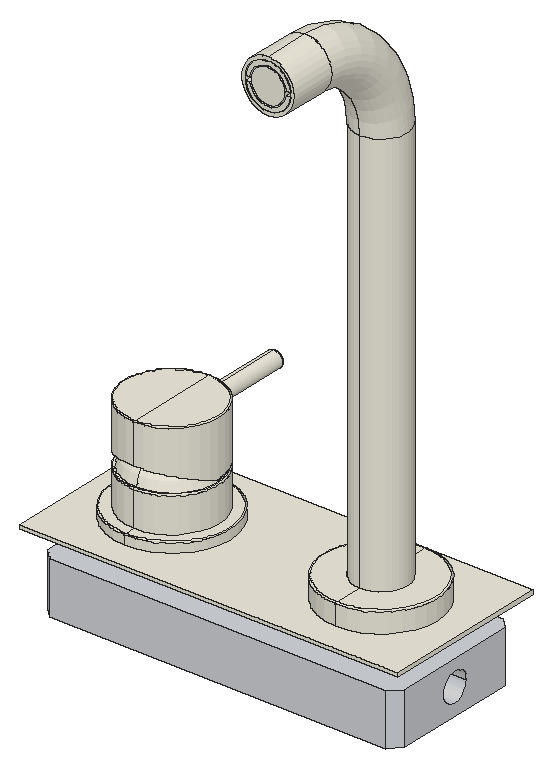
Revit family "Reece_Tap_Sussex_Scala_Curved_Bath Mixer System_25 mm", category Plumbing Fixtures, host Face, Revit 2018
Family settings
  Host = Face
  Round Connector Dimension = Use Diameter
  Part Type = Normal
  Cut with Voids When Loaded = No
  Shared = Yes
  Room Calculation Point = Yes
Parameters (values of type "250 mm_Left Hand_PVD Brushed Platinum Gold")
  WFU = 0  # constant formula
  URL = "https://www.reece.com.au/product/-2268253"
  Type Comments = "Tap"
  Reece_Tap_Reach = 250 mm
  Reece_Tap_Outlet_Reach = Reece_Tap_Reach - 2 mm  # 248 mm
  Reece_Tap_Inlet_Right = 0 mm
  Reece_Tap_Inlet_Left = 12 mm
  Reece_Tap_Handle_Top_Height = 27 mm  # constant formula
  Reece_Tap_Handle_Length = 84 mm  # constant formula
  Reece_Tap_Handle_Height = 50.6 mm  # constant formula
  Reece_Tap_Handle_Bottom_Height = 21.8 mm  # constant formula
  Reece_Tap_Clearance = 67 mm  # constant formula
  Reece_Right_Void = 12.5 mm
  Reece_Right Hand = not(Reece_Left Hand)  # no
  Reece_Product_Web Page = "https://www.reece.com.au/product/-2268253"
  Reece_Product_Type = "Tap"  # constant formula
  Reece_Product_Sub Brand = "Scala"  # constant formula
  Reece_Product_Number = "2268253"
  Reece_Product_Mount = "Wall Mounted"
  Reece_Product_Description = "Sussex Scala 25mm Curved Bath Mixer Tap Outlet System Left Hand 250mm Outlet LUX PVD Brushed Platinum Gold"
  Reece_Product_Brand = "Sussex"  # constant formula
  Reece_Plumbing_Right_Void_Length = 25 mm
  Reece_Plumbing_Left_Void_Length = 3 mm
  Reece_Overall_Width = 80 mm  # constant formula
  Reece_Overall_Length = 180 mm  # constant formula
  Reece_Overall_Diameter = 56 mm  # constant formula
  Reece_Material_Main = Reece_PVD_Brushed_Platinum Gold
  Reece_Left_Void = 24 mm
  Reece_Left Hand = yes
  Reece_Detail_Shape = "Curved"  # constant formula
  Reece_Detail_Installation = ""
  Reece_Detail_Disclaimer = "THIS FILE IS THE PROPERTY OF THE REECE GROUP. IT MAY NOT BE REPRODUCED, REVERSE-ENGINEERED OR MODIFIED. ANY REPUBLICATION, TRANSMISSION OR DISTRIBUTION FOR THE PURPOSE OF COMMERCIALLY EXPLOITING THE FILES IS PROHIBITED."  # constant formula
  Reece_Detail_Connector = "Left Hand"
  Reece_Detail_Additional = "Bath Mixer System"  # constant formula
  Reece_Backplate_Thickness = 10 mm  # constant formula
  Model = "Scala"
  Manufacturer = "Sussex"
  Keynote = "Product #2268253, Reece_Tap_Sussex_Scala_Curved_Bath Mixer System_25 mm - 250 mm_Left Hand_PVD Brushed Platinum Gold"
  HWFU = 0  # constant formula
  Disclaimer = "THIS FILE IS THE PROPERTY OF THE REECE GROUP. IT MAY NOT BE REPRODUCED, REVERSE-ENGINEERED OR MODIFIED. ANY REPUBLICATION, TRANSMISSION OR DISTRIBUTION FOR THE PURPOSE OF COMMERCIALLY EXPLOITING THE FILES IS PROHIBITED."  # constant formula
  Description = "Scala 25mm Curved Bath Mixer Tap Outlet System Left Hand 250mm Outlet LUX PVD Brushed Platinum Gold"
  Default Elevation = 1000 mm
  CWFU = 0  # constant formula
Types (16, lengths in mm): name | URL | Reece_Tap_Reach | Reece_Tap_Outlet_Reach | Reece_Tap_Inlet_Right | Reece_Tap_Inlet_Left | Reece_Right_Void | Reece_Right Hand | Reece_Product_Web Page | Reece_Product_Number | Reece_Product_Description | Reece_Plumbing_Right_Void_Length | Reece_Plumbing_Left_Void_Length | Reece_Material_Main | Reece_Left_Void | Reece_Left Hand | Reece_Detail_Connector | Keynote | Description
  160 mm_Left Hand_Chrome | "https://www.reece.com.au/product/-2263074" | 160 | 158 | 0 | 12 | 12.5 | no | "https://www.reece.com.au/product/-2263074" | "2263074" | "Sussex Scala 25mm Curved Bath Mixer Tap Outlet System Left Hand 160mm Outlet Chrome" | 3 | 25 | Reece_Brass_Chrome | 24 | yes | "Left Hand" | "Product #2263074, Reece_Tap_Sussex_Scala_Curved_Bath Mixer System_25 mm - 160 mm_Left Hand_Chrome" | "Scala 25mm Curved Bath Mixer Tap Outlet System Left Hand 160mm Outlet Chrome"
  160 mm_Right Hand_Brushed Nickel | "https://www.reece.com.au/product/-226003" | 160 | 158 | 12 | 0 | 24 | yes | "https://www.reece.com.au/product/-226003" | "226003" | "Sussex Scala 25mm Curved Bath Mixer Tap Outlet System Right Hand 160mm Outlet Brushed Nickel" | 25 | 3 | Reece_Brass_Brushed Nickel | 12.5 | no | "Right Hand" | "Product #226003, Reece_Tap_Sussex_Scala_Curved_Bath Mixer System_25 mm - 160 mm_Right Hand_Brushed Nickel" | "Scala 25mm Curved Bath Mixer Tap Outlet System Right Hand 160mm Outlet Brushed Nickel"
  160 mm_Left Hand_PVD Brushed Platinum Gold | "https://www.reece.com.au/product/-2268251" | 160 | 158 | 0 | 12 | 12.5 | no | "https://www.reece.com.au/product/-2268251" | "2268251" | "Sussex Scala 25mm Curved Bath Mixer Tap Outlet System Left Hand 160mm Outlet LUX PVD Brushed Platinum Gold" | 3 | 25 | Reece_PVD_Brushed_Platinum Gold | 24 | yes | "Left Hand" | "Product #2268251, Reece_Tap_Sussex_Scala_Curved_Bath Mixer System_25 mm - 160 mm_Left Hand_PVD Brushed Platinum Gold" | "Scala 25mm Curved Bath Mixer Tap Outlet System Left Hand 160mm Outlet LUX PVD Brushed Platinum Gold"
  200 mm_Left Hand_Chrome | "https://www.reece.com.au/product/-2263075" | 200 | 198 | 0 | 12 | 12.5 | no | "https://www.reece.com.au/product/-2263075" | "2263075" | "Sussex Scala 25mm Curved Bath Mixer Tap Outlet System Left Hand 200mm Outlet Chrome" | 3 | 25 | Reece_Brass_Chrome | 24 | yes | "Left Hand" | "Product #2263075, Reece_Tap_Sussex_Scala_Curved_Bath Mixer System_25 mm - 200 mm_Left Hand_Chrome" | "Scala 25mm Curved Bath Mixer Tap Outlet System Left Hand 200mm Outlet Chrome"
  200 mm_Left Hand_PVD Brushed Platinum Gold | "https://www.reece.com.au/product/-2268252" | 200 | 198 | 0 | 12 | 12.5 | no | "https://www.reece.com.au/product/-2268252" | "2268252" | "Sussex Scala 25mm Curved Bath Mixer Tap Outlet System Left Hand 200mm Outlet LUX PVD Brushed Platinum Gold" | 3 | 25 | Reece_PVD_Brushed_Platinum Gold | 24 | yes | "Left Hand" | "Product #2268252, Reece_Tap_Sussex_Scala_Curved_Bath Mixer System_25 mm - 200 mm_Left Hand_PVD Brushed Platinum Gold" | "Scala 25mm Curved Bath Mixer Tap Outlet System Left Hand 200mm Outlet LUX PVD Brushed Platinum Gold"
  250 mm_Left Hand_Chrome | "https://www.reece.com.au/product/-2263076" | 250 | 248 | 0 | 12 | 12.5 | no | "https://www.reece.com.au/product/-2263076" | "2263076" | "Sussex Scala 25mm Curved Bath Mixer Tap Outlet System Left Hand 250mm Outlet Chrome" | 3 | 25 | Reece_Brass_Chrome | 24 | yes | "Left Hand" | "Product #2263076, Reece_Tap_Sussex_Scala_Curved_Bath Mixer System_25 mm - 250 mm_Left Hand_Chrome" | "Scala 25mm Curved Bath Mixer Tap Outlet System Left Hand 250mm Outlet Chrome"
  250 mm_Left Hand_PVD Brushed Platinum Gold | "https://www.reece.com.au/product/-2268253" | 250 | 248 | 0 | 12 | 12.5 | no | "https://www.reece.com.au/product/-2268253" | "2268253" | "Sussex Scala 25mm Curved Bath Mixer Tap Outlet System Left Hand 250mm Outlet LUX PVD Brushed Platinum Gold" | 25 | 3 | Reece_PVD_Brushed_Platinum Gold | 24 | yes | "Left Hand" | "Product #2268253, Reece_Tap_Sussex_Scala_Curved_Bath Mixer System_25 mm - 250 mm_Left Hand_PVD Brushed Platinum Gold" | "Scala 25mm Curved Bath Mixer Tap Outlet System Left Hand 250mm Outlet LUX PVD Brushed Platinum Gold"
  160 mm_Right Hand_Chrome | "https://www.reece.com.au/product/-2263077" | 160 | 158 | 12 | 0 | 24 | yes | "https://www.reece.com.au/product/-2263077" | "2263077" | "Sussex Scala 25mm Curved Bath Mixer Tap Outlet System Right Hand 160mm Outlet Chrome" | 25 | 3 | Reece_Brass_Chrome | 12.5 | no | "Right Hand" | "Product #2263077, Reece_Tap_Sussex_Scala_Curved_Bath Mixer System_25 mm - 160 mm_Right Hand_Chrome" | "Scala 25mm Curved Bath Mixer Tap Outlet System Right Hand 160mm Outlet Chrome"
  160 mm_Right Hand_PVD Brushed Platinum Gold | "https://www.reece.com.au/product/-2268248" | 160 | 158 | 12 | 0 | 24 | yes | "https://www.reece.com.au/product/-2268248" | "2268248" | "Sussex Scala 25mm Curved Bath Mixer Tap Outlet System Right Hand 160mm Outlet LUX PVD Brushed Platinum Gold" | 25 | 3 | Reece_PVD_Brushed_Platinum Gold | 12.5 | no | "Right Hand" | "Product #2268248, Reece_Tap_Sussex_Scala_Curved_Bath Mixer System_25 mm - 160 mm_Right Hand_PVD Brushed Platinum Gold" | "Scala 25mm Curved Bath Mixer Tap Outlet System Right Hand 160mm Outlet LUX PVD Brushed Platinum Gold"
  200 mm_Right Hand_Brushed Nickel | "https://www.reece.com.au/product/-226004" | 200 | 198 | 12 | 0 | 24 | yes | "https://www.reece.com.au/product/-226004" | "226004" | "Sussex Scala 25mm Curved Bath Mixer Tap Outlet System Right Hand 200mm Outlet Brushed Nickel" | 25 | 3 | Reece_Brass_Brushed Nickel | 12.5 | no | "Right Hand" | "Product #226004, Reece_Tap_Sussex_Scala_Curved_Bath Mixer System_25 mm - 200 mm_Right Hand_Brushed Nickel" | "Scala 25mm Curved Bath Mixer Tap Outlet System Right Hand 200mm Outlet Brushed Nickel"
  200 mm_Right Hand_Chrome | "https://www.reece.com.au/product/-2263078" | 200 | 198 | 12 | 0 | 24 | yes | "https://www.reece.com.au/product/-2263078" | "2263078" | "Sussex Scala 25mm Curved Bath Mixer Tap Outlet System Right Hand 200mm Outlet Chrome" | 25 | 3 | Reece_Brass_Chrome | 12.5 | no | "Right Hand" | "Product #2263078, Reece_Tap_Sussex_Scala_Curved_Bath Mixer System_25 mm - 200 mm_Right Hand_Chrome" | "Scala 25mm Curved Bath Mixer Tap Outlet System Right Hand 200mm Outlet Chrome"
  200 mm_Right Hand_PVD Brushed Platinum Gold | "https://www.reece.com.au/product/-2268249" | 200 | 198 | 12 | 0 | 24 | yes | "https://www.reece.com.au/product/-2268249" | "2268249" | "Sussex Scala 25mm Curved Bath Mixer Tap Outlet System Right Hand 200mm Outlet LUX PVD Brushed Platinum Gold" | 25 | 3 | Reece_PVD_Brushed_Platinum Gold | 12.5 | no | "Right Hand" | "Product #2268249, Reece_Tap_Sussex_Scala_Curved_Bath Mixer System_25 mm - 200 mm_Right Hand_PVD Brushed Platinum Gold" | "Scala 25mm Curved Bath Mixer Tap Outlet System Right Hand 200mm Outlet LUX PVD Brushed Platinum Gold"
  200 mm_Right Hand_Matte Black | "https://www.reece.com.au/product/-2264193" | 200 | 198 | 12 | 0 | 24 | yes | "https://www.reece.com.au/product/-2264193" | "2264193" | "Sussex Scala 25mm Curved Bath Mixer Tap Outlet System Right Hand 200mm Outlet Matte Black" | 25 | 3 | Reece_Brass_Matte Black | 12.5 | no | "Right Hand" | "Product #2264193, Reece_Tap_Sussex_Scala_Curved_Bath Mixer System_25 mm - 200 mm_Right Hand_Matte Black" | "Scala 25mm Curved Bath Mixer Tap Outlet System Right Hand 200mm Outlet Matte Black"
  250 mm_Right Hand_Brushed Nickel | "https://www.reece.com.au/product/-226005" | 250 | 248 | 12 | 0 | 24 | yes | "https://www.reece.com.au/product/-226005" | "226005" | "Sussex Scala 25mm Curved Bath Mixer Tap Outlet System Right Hand 250mm Outlet Brushed Nickel" | 25 | 3 | Reece_Brass_Brushed Nickel | 12.5 | no | "Right Hand" | "Product #226005, Reece_Tap_Sussex_Scala_Curved_Bath Mixer System_25 mm - 250 mm_Right Hand_Brushed Nickel" | "Scala 25mm Curved Bath Mixer Tap Outlet System Right Hand 250mm Outlet Brushed Nickel"
  250 mm_Right Hand_Chrome | "https://www.reece.com.au/product/-2263079" | 250 | 248 | 12 | 0 | 24 | yes | "https://www.reece.com.au/product/-2263079" | "2263079" | "Sussex Scala 25mm Curved Bath Mixer Tap Outlet System Right Hand 250mm Outlet Chrome" | 25 | 3 | Reece_Brass_Chrome | 12.5 | no | "Right Hand" | "Product #2263079, Reece_Tap_Sussex_Scala_Curved_Bath Mixer System_25 mm - 250 mm_Right Hand_Chrome" | "Scala 25mm Curved Bath Mixer Tap Outlet System Right Hand 250mm Outlet Chrome"
  250 mm_Right Hand_PVD Brushed Platinum Gold | "https://www.reece.com.au/product/-2268250" | 250 | 248 | 12 | 0 | 24 | yes | "https://www.reece.com.au/product/-2268250" | "2268250" | "Sussex Scala 25mm Curved Bath Mixer Tap Outlet System Right Hand 250mm Outlet LUX PVD Brushed Platinum Gold" | 25 | 3 | Reece_PVD_Brushed_Platinum Gold | 12.5 | no | "Right Hand" | "Product #2268250, Reece_Tap_Sussex_Scala_Curved_Bath Mixer System_25 mm - 250 mm_Right Hand_PVD Brushed Platinum Gold" | "Scala 25mm Curved Bath Mixer Tap Outlet System Right Hand 250mm Outlet LUX PVD Brushed Platinum Gold"
Reference planes
  plane 1 "Center (Front/Back)": y = 0
  plane 2 "Bottom": z = 0
  plane 3 "Center (Left/Right)": x = 0
  plane 4 "Top": z = 250
  plane 5: y = 40
  plane 6: y = -40
  plane 7: x = -90
  plane 8: x = 90
  plane 9: x = -49.8
  plane 10: x = 49.8
  plane 11: y = -67
  plane 12: z = 2
  plane 13: z = -23.75
  plane 14: x = -87
  plane 15: y = 37
  plane 16: y = 15
  plane 17: x = 65
  plane 18: y = -22.5
  plane 19: y = 61.5
Forms (mm)
  Extrusion 1, solid, material "Reece_PVD_Brushed_Platinum Gold" <- "Reece_Material_Main"
    sketch origin (0, 0, 0) x (1, 0, 0) y (0, 1, 0)
      loop
        line (-90, 40) -> (-90, -40) -> (90, -40) -> (90, 40) -> (-90, 40)
    from 0 to 2
  Revolve 2, void
    sketch origin (0, 0, 0) x (1, 0, 0) y (0, 0, 1)
      loop
        line (-49.8, 2) -> (-49.8, -39.258) -> (-25.8, -39.258) -> (-25.8, 2) -> (-49.8, 2)
      axis (-49.8, 2) -> (-49.8, -39.258)
    angle from 0 to 360
  Revolve 3, void
    sketch origin (99.6, 0, 0) x (1, 0, 0) y (0, 0, 1)
      loop
        line (-49.8, 2) -> (-49.8, -41.506) -> (-37.3, -41.506) -> (-37.3, 2) -> (-49.8, 2)
      axis (-49.8, 2) -> (-49.8, -41.506)
    angle from 0 to 360
  Revolve 4, solid, visible <- "Reece_Left Hand"
    sketch origin (-79.101, 0, 1219.2) x (-1, 0, 0) y (0, 0, -1)
      loop
        line (-140.374, 1230.612) -> (-140.374, 1229.603) -> (-139.209, 1229.603) -> (-139.978, 1229.064) -> (-139.209, 1228.526) -> (-139.978, 1227.987) -> (-139.209, 1227.449) -> (-139.978, 1226.91) -> (-139.209, 1226.371) -> (-139.978, 1225.833) -> (-139.209, 1225.294) -> (-139.978, 1224.756) -> (-139.209, 1224.217) -> (-139.978, 1223.678) -> (-139.209, 1223.14) -> (-139.978, 1222.601) -> (-139.209, 1222.063) -> (-139.978, 1221.524) -> (-139.209, 1220.985) -> (-139.978, 1220.447) -> (-139.209, 1219.908) -> (-139.978, 1219.37) -> (-139.209, 1218.831) -> (-139.978, 1218.292) -> (-139.209, 1217.754) -> (-140, 1217.2) -> (-128.901, 1217.2) -> (-128.901, 1230.612) -> (-140.374, 1230.612)
      axis (-128.901, 1217.2) -> (-128.901, 1230.612)
    angle from 0 to 360
  Extrusion 5, solid
    sketch origin (0, 0, 0) x (1, 0, 0) y (0, 1, 0)
      loop
        line (-85, 30) -> (-85, -30) -> (-80, -35) -> (80, -35) -> (85, -30) -> (85, 30) -> (80, 35) -> (-80, 35) -> (-85, 30)
    from -36.057 to -11.412
  Extrusion 6, void
    sketch origin (0, 0, 0) x (1, 0, 0) y (0, 1, 0)
      loop
        line (-90, 40) -> (-90, -40) -> (90, -40) -> (90, 40) -> (-90, 40)
    from -46.112 to 0
  Revolve 7, solid, visible <- "Reece_Left Hand"
    sketch origin (0, 0, 0) x (1, 0, 0) y (0, 0, 1)
      loop
        line (-49.8, 2) -> (-49.8, -11.412) -> (-27.752, -11.412) -> (-27.752, 2) -> (-49.8, 2)
      axis (-49.8, 2) -> (-49.8, -11.412)
    angle from 0 to 360
  Revolve 8, solid, visible <- "Reece_Right Hand"
    sketch origin (99.6, 0, 0) x (1, 0, 0) y (0, 0, 1)
      loop
        line (-49.8, 2) -> (-49.8, -11.412) -> (-27.752, -11.412) -> (-27.752, 2) -> (-49.8, 2)
      axis (-49.8, 2) -> (-49.8, -11.412)
    angle from 0 to 360
  Revolve 9, solid, visible <- "Reece_Right Hand"
    sketch origin (79.101, 0, 1219.2) x (1, 0, 0) y (0, 0, 1)
      loop
        line (-140.374, -1230.612) -> (-128.901, -1230.612) -> (-128.901, -1217.2) -> (-140, -1217.2) -> (-139.209, -1217.754) -> (-139.978, -1218.292) -> (-139.209, -1218.831) -> (-139.978, -1219.37) -> (-139.209, -1219.908) -> (-139.978, -1220.447) -> (-139.209, -1220.985) -> (-139.978, -1221.524) -> (-139.209, -1222.063) -> (-139.978, -1222.601) -> (-139.209, -1223.14) -> (-139.978, -1223.678) -> (-139.209, -1224.217) -> (-139.978, -1224.756) -> (-139.209, -1225.294) -> (-139.978, -1225.833) -> (-139.209, -1226.371) -> (-139.978, -1226.91) -> (-139.209, -1227.449) -> (-139.978, -1227.987) -> (-139.209, -1228.526) -> (-139.978, -1229.064) -> (-139.209, -1229.603) -> (-140.374, -1229.603) -> (-140.374, -1230.612)
      axis (-128.901, -1217.2) -> (-128.901, -1230.612)
    angle from 0 to 360
  Revolve 10, void
    sketch origin (0, 0, -23.75) x (1, 0, 0) y (0, 1, 0)
      loop
        line (34.8, 15) -> (41.8, 15) -> (41.8, 40) -> (34.8, 40) -> (34.8, 15)
      axis (34.8, 40) -> (34.8, 15)
    angle from 0 to 360
  Revolve 11, void
    sketch origin (0, 0, -23.5) x (1, 0, 0) y (0, 1, 0)
      loop
        line (65, 0) -> (90, 0) -> (90, 7) -> (65, 7) -> (65, 0)
      axis (65, 0) -> (90, 0)
    angle from 0 to 360
  Revolve 12, void
    sketch origin (0, 0, -23.75) x (-1, 0, 0) y (0, -1, 0)
      loop
        line (34.8, -37) -> (34.8, -40) -> (41.8, -40) -> (41.8, -37) -> (34.8, -37)
      axis (34.8, -40) -> (34.8, -37)
    angle from 0 to 360
  Revolve 13, void
    sketch origin (0, 0, -23.5) x (-1, 0, 0) y (0, -1, 0)
      loop
        line (87, 0) -> (87, -7) -> (90, -7) -> (90, 0) -> (87, 0)
      axis (87, 0) -> (90, 0)
    angle from 0 to 360
Cuts and joins
  Revolve 2, Revolve 3, Revolve 10 cuts Extrusion 1
  Revolve 10 cuts Revolve 8
  Revolve 10, Revolve 11, Revolve 12, Revolve 13 cuts Extrusion 5
Text (mm)
  text "Reece Copyright © 2018, Reece Ltd." at (-184.095, -168.531, 0), in view "Ref. Level"
  text "Reece ©" at (44.384, 258.95, 192.345), in view "Reece Preview"
Dimensions and locks
  "Reece_Tap_Reach": plane 4 "Top" to plane 2 "Bottom"
  "Reece_Overall_Width": plane 6 to plane 5
  "Reece_Overall_Length": plane 7 to plane 8
  plane 9 to plane 10 = 99.6 mm
  "Reece_Tap_Clearance": plane 11 to plane 1 "Center (Front/Back)"
  plane 4 "Top" to plane 2 "Bottom" = 250 mm
  plane 10 to plane 9 = 99.6 mm
  plane 2 "Bottom" to plane 4 "Top" = 250 mm
  "Reece_Tap_Clearance": plane 1 "Center (Front/Back)" to plane 11
  "Reece_Left_Void": Revolve 2 sketch curve to Revolve 2 sketch curve
  "Reece_Right_Void": Revolve 3 sketch curve to Revolve 3 sketch curve
  "Reece_Plumbing_Left_Void_Length": plane 7 to plane 14
  "Reece_Plumbing_Left_Void_Length": plane 15 to plane 5
  "Reece_Plumbing_Right_Void_Length": plane 5 to plane 16
  "Reece_Plumbing_Right_Void_Length": plane 17 to plane 8
  "Reece_Tap_Handle_Length": plane 19 to plane 18
  aligned and locked: plane 2 "Bottom" to host face
  aligned and locked: level to host face
  aligned and locked: plane 9 to nested 3
  aligned and locked: plane 10 to nested 4
  aligned and locked: plane 1 "Center (Front/Back)" to nested 4
  aligned and locked: plane 5 to Revolve 10 sketch curve
  aligned and locked: plane 7 to Revolve 13
  aligned and locked: plane 15 to cut or joined group of Extrusion 5, Revolve 10, Revolve 11, Revolve 12, Revolve 13
  aligned and locked: plane 16 to cut or joined group of Extrusion 5, Revolve 10, Revolve 11, Revolve 12, Revolve 13
  aligned and locked: plane 17 to cut or joined group of Extrusion 5, Revolve 10, Revolve 11, Revolve 12, Revolve 13
  aligned and locked: plane 14 to Revolve 13
Automatic sketch dimensions
  host sketch curve to host sketch curve = 380.785 mm
  host sketch curve to host sketch curve = 317.421 mm
  plane 6 to Extrusion 1 sketch curve = 0 mm
  Extrusion 1 sketch curve to plane 7 = 0 mm
  Extrusion 1 sketch curve to plane 8 = 0 mm
  plane 5 to Extrusion 1 sketch curve = 0 mm
  Revolve 4 sketch curve to plane 12 = 0 mm
  Revolve 4 sketch curve to plane 10 = 0 mm  (x2)
  level to Revolve 4 sketch curve = 0.369 mm
  plane 10 to Revolve 4 sketch curve = 10.308 mm
  Revolve 4 sketch curve to plane 12 = 0.554 mm
  Revolve 4 sketch curve to Revolve 4 sketch curve = 0 mm  (x11)
  Revolve 4 sketch curve to level = 0.708 mm
  Revolve 4 sketch curve to level = 1.785 mm
  Revolve 4 sketch curve to level = 2.863 mm
  Revolve 4 sketch curve to level = 3.94 mm
  Revolve 4 sketch curve to level = 5.017 mm
  Revolve 4 sketch curve to Revolve 4 sketch curve = 0.769 mm  (x11)
  Revolve 4 sketch curve to level = 4.478 mm
  Revolve 4 sketch curve to level = 3.401 mm
  Revolve 4 sketch curve to level = 2.324 mm
  Revolve 4 sketch curve to level = 1.247 mm
  Revolve 4 sketch curve to level = 0.17 mm
  level to Revolve 4 sketch curve = 0.908 mm
  Revolve 4 sketch curve to Revolve 4 sketch curve = 0.791 mm
  Revolve 4 sketch curve to Revolve 4 sketch curve = 0.397 mm
  Revolve 4 sketch curve to Revolve 4 sketch curve = 0.539 mm  (x10)
  Revolve 4 sketch curve to Revolve 4 sketch curve = 1.009 mm
  Revolve 4 sketch curve to Revolve 4 sketch curve = 6.93 mm
  Revolve 4 sketch curve to plane 13 = 13.767 mm
  Extrusion 5 sketch curve to plane 7 = 5 mm
  plane 5 to Extrusion 5 sketch curve = 5 mm
  Extrusion 5 sketch curve to Extrusion 5 sketch curve = 5 mm  (x6)
  Extrusion 5 sketch curve to plane 6 = 5 mm
  plane 8 to Extrusion 5 sketch curve = 10 mm  (x2)
  plane 8 to Extrusion 5 sketch curve = 5 mm
  plane 6 to Extrusion 6 sketch curve = 0 mm
  Extrusion 6 sketch curve to plane 7 = 0 mm
  Extrusion 6 sketch curve to plane 8 = 0 mm
  plane 5 to Extrusion 6 sketch curve = 0 mm
  Revolve 7 sketch curve to plane 9 = 0 mm  (x2)
  Revolve 7 sketch curve to plane 12 = 0 mm
  plane 9 to Revolve 7 sketch curve = 22.048 mm
  Revolve 7 sketch curve to level = 11.412 mm
  Revolve 7 sketch curve to level = 3 mm
  plane 13 to Revolve 7 sketch curve = 5.75 mm
  Revolve 8 sketch curve to plane 10 = 0 mm  (x2)
  Revolve 8 sketch curve to plane 12 = 0 mm
  plane 8 to Revolve 8 sketch curve = 18.152 mm
  Revolve 8 sketch curve to level = 11.412 mm
  Revolve 8 sketch curve to level = 3 mm
  plane 13 to Revolve 8 sketch curve = 5.75 mm
  Revolve 9 sketch curve to plane 12 = 0 mm
  Revolve 9 sketch curve to plane 9 = 0 mm  (x2)
  level to Revolve 9 sketch curve = 0.369 mm
  Revolve 9 sketch curve to plane 9 = 10.308 mm
  Revolve 9 sketch curve to plane 12 = 0.554 mm
  Revolve 9 sketch curve to Revolve 9 sketch curve = 0 mm  (x11)
  Revolve 9 sketch curve to level = 0.708 mm
  Revolve 9 sketch curve to level = 1.785 mm
  Revolve 9 sketch curve to level = 2.863 mm
  Revolve 9 sketch curve to level = 3.94 mm
  Revolve 9 sketch curve to level = 5.017 mm
  Revolve 9 sketch curve to Revolve 9 sketch curve = 0.769 mm  (x11)
  Revolve 9 sketch curve to level = 4.478 mm
  Revolve 9 sketch curve to level = 3.401 mm
  Revolve 9 sketch curve to level = 2.324 mm
  Revolve 9 sketch curve to level = 1.247 mm
  Revolve 9 sketch curve to level = 0.17 mm
  level to Revolve 9 sketch curve = 0.908 mm
  Revolve 9 sketch curve to Revolve 9 sketch curve = 0.791 mm
  Revolve 9 sketch curve to Revolve 9 sketch curve = 0.397 mm
  Revolve 9 sketch curve to Revolve 9 sketch curve = 0.539 mm  (x10)
  Revolve 9 sketch curve to Revolve 9 sketch curve = 1.009 mm
  Revolve 9 sketch curve to plane 13 = 13.767 mm
  Revolve 9 sketch curve to Revolve 9 sketch curve = 6.93 mm
  Revolve 10 sketch curve to plane 10 = 15 mm
  Revolve 10 sketch curve to Revolve 10 sketch curve = 7 mm
  Revolve 10 sketch curve to plane 1 "Center (Front/Back)" = 15 mm
  Revolve 10 sketch curve to Revolve 10 sketch curve = 0 mm
  Revolve 10 sketch curve to Revolve 10 sketch curve = 9.784 mm
  Revolve 10 sketch curve to Revolve 10 sketch curve = 8 mm
  plane 1 "Center (Front/Back)" to Revolve 11 sketch curve = 0 mm  (x2)
  Revolve 11 sketch curve to plane 8 = 0 mm
  plane 10 to Revolve 11 sketch curve = 15.2 mm
  Revolve 11 sketch curve to Revolve 11 sketch curve = 7 mm
  plane 8 to Revolve 11 sketch curve = 10 mm
  Revolve 11 sketch curve to Revolve 11 sketch curve = 10 mm
  plane 5 to Revolve 12 sketch curve = 0 mm
  plane 9 to Revolve 12 sketch curve = 15 mm
  Revolve 12 sketch curve to Revolve 12 sketch curve = 7 mm
  Revolve 12 sketch curve to plane 1 "Center (Front/Back)" = 37 mm
  Revolve 12 sketch curve to Revolve 12 sketch curve = 0 mm
  Revolve 12 sketch curve to plane 5 = 8 mm
  Revolve 12 sketch curve to Revolve 12 sketch curve = 13.357 mm
  plane 1 "Center (Front/Back)" to Revolve 13 sketch curve = 0 mm  (x2)
  Revolve 13 sketch curve to plane 7 = 0 mm
  Revolve 13 sketch curve to plane 9 = 37.2 mm
  Revolve 13 sketch curve to Revolve 13 sketch curve = 7 mm
  Revolve 13 sketch curve to Revolve 13 sketch curve = 10 mm
  plane 7 to Revolve 13 sketch curve = 10 mm
  Revolve 2 sketch curve to plane 9 = 0 mm  (x2)
  Revolve 2 sketch curve to plane 12 = 0 mm
  Revolve 2 sketch curve to plane 13 = 15.508 mm
  plane 13 to Revolve 2 sketch curve = 3.265 mm
  Revolve 2 sketch curve to Revolve 2 sketch curve = 1.228 mm
  Revolve 3 sketch curve to plane 10 = 0 mm  (x2)
  Revolve 3 sketch curve to plane 12 = 0 mm
  Revolve 3 sketch curve to plane 13 = 17.756 mm
  plane 13 to Revolve 3 sketch curve = 3.265 mm
  Revolve 3 sketch curve to Revolve 3 sketch curve = 1.02 mm
Nested families
  nested 1: "Reece_Tap_Sussex_Scala_Curved_25 mm_Nested" at (49.8, 0, 2), visible <- "Reece_Left Hand", Reece_Tap_Clearance <- "Reece_Tap_Clearance", Reece_Tap_Reach <- "Reece_Tap_Outlet_Reach", Reece_Backplate_Thickness <- "Reece_Backplate_Thickness", Reece_Material_Main <- "Reece_Material_Main", type "Reece_Tap_Sussex_Scala_Curved_25 mm_Nested"
    with Reece_Tap_Reach 248 mm, Reece_Tap_Clearance 67 mm, Reece_Overall_Length 260.5 mm, Reece_Material_Main Reece_PVD_Brushed_Platinum Gold, Reece_Backplate_Thickness 10 mm
  nested 2: "Reece_Tap_Sussex_Scala_Curved_25 mm_Nested" at (-49.8, 0, 2), visible <- "Reece_Right Hand", Reece_Tap_Clearance <- "Reece_Tap_Clearance", Reece_Tap_Reach <- "Reece_Tap_Outlet_Reach", Reece_Backplate_Thickness <- "Reece_Backplate_Thickness", Reece_Material_Main <- "Reece_Material_Main", type "Reece_Tap_Sussex_Scala_Curved_25 mm_Nested"
    with Reece_Tap_Reach 248 mm, Reece_Tap_Clearance 67 mm, Reece_Overall_Length 260.5 mm, Reece_Material_Main Reece_PVD_Brushed_Platinum Gold, Reece_Backplate_Thickness 10 mm
  nested 3: "Reece_Tap_Sussex_Scala_Mixer_Nested" at (-49.8, 0, 2), visible <- "Reece_Left Hand", Reece_Material_Main <- "Reece_Material_Main", Reece_Overall_Diameter <- "Reece_Overall_Diameter", Reece_Tap_Handle_Height <- "Reece_Tap_Handle_Height", Reece_Tap_Handle_Top_Height <- "Reece_Tap_Handle_Top_Height", Reece_Tap_Handle_Bottom_Height <- "Reece_Tap_Handle_Bottom_Height", Reece_Tap_Projection <- "Reece_Tap_Handle_Length", type "Reece_Tap_Sussex_Scala_Mixer_Nested"
    with Reece_Tap_Projection 84 mm, Reece_Tap_Handle_Top_Height 27 mm, Reece_Tap_Handle_Height 50.6 mm, Reece_Tap_Handle_Bottom_Height 21.8 mm, Reece_Overall_Diameter 56 mm, Reece_Material_Main Reece_PVD_Brushed_Platinum Gold
  nested 4: "Reece_Tap_Sussex_Scala_Mixer_Nested" at (49.8, 0, 2), visible <- "Reece_Right Hand", Reece_Material_Main <- "Reece_Material_Main", Reece_Overall_Diameter <- "Reece_Overall_Diameter", Reece_Tap_Handle_Height <- "Reece_Tap_Handle_Height", Reece_Tap_Handle_Top_Height <- "Reece_Tap_Handle_Top_Height", Reece_Tap_Handle_Bottom_Height <- "Reece_Tap_Handle_Bottom_Height", Reece_Tap_Projection <- "Reece_Tap_Handle_Length", type "Reece_Tap_Sussex_Scala_Mixer_Nested"
    with Reece_Tap_Projection 84 mm, Reece_Tap_Handle_Top_Height 27 mm, Reece_Tap_Handle_Height 50.6 mm, Reece_Tap_Handle_Bottom_Height 21.8 mm, Reece_Overall_Diameter 56 mm, Reece_Material_Main Reece_PVD_Brushed_Platinum Gold
Connectors
  piping at (85, 0, -23.734), driven by "Reece_Tap_Inlet_Right"
    settings: on cut or joined group of Extrusion 5, Revolve 10, Revolve 11, Revolve 12, Revolve 13, index 1, connector diameter 0 mm, connector inside diameter 609.6 mm, connector length 0 mm, flow factor 0, pipe flow 0.0 L/s, pressure drop 0.0 Pa, fitting loss kfactor 0, connector angle 0.00°, fixture units 0, engagement length 0 mm, angle of deflection 0.00°, flow configuration 0, flow direction 1, fitting loss method 0, system type 29, joint type 0, gender type 0, connector reference index -1, connector utility 0, adjustable connector no, is connector primary yes, connector description ""
  piping at (34.8, 35, -23.75), driven by "Reece_Tap_Inlet_Right"
    settings: on cut or joined group of Extrusion 5, Revolve 10, Revolve 11, Revolve 12, Revolve 13, index 2, connector diameter 0 mm, connector inside diameter 609.6 mm, connector length 0 mm, flow factor 0, pipe flow 0.0 L/s, pressure drop 0.0 Pa, fitting loss kfactor 0, connector angle 0.00°, fixture units 0, engagement length 0 mm, angle of deflection 0.00°, flow configuration 0, flow direction 1, fitting loss method 0, system type 29, joint type 0, gender type 0, connector reference index -1, connector utility 0, adjustable connector no, is connector primary no, connector description ""
  piping at (-34.8, 35, -23.75), diameter 12, driven by "Reece_Tap_Inlet_Left"
    settings: on cut or joined group of Extrusion 5, Revolve 10, Revolve 11, Revolve 12, Revolve 13, index 3, connector inside diameter 609.6 mm, connector length 0 mm, flow factor 0, pipe flow 0.0 L/s, pressure drop 0.0 Pa, fitting loss kfactor 0, connector angle 0.00°, fixture units 0, engagement length 0 mm, angle of deflection 0.00°, flow configuration 0, flow direction 1, fitting loss method 0, system type 29, joint type 0, gender type 0, connector reference index -1, connector utility 0, adjustable connector no, is connector primary no, connector description ""
  piping at (-85, 0, -23.5), diameter 12, driven by "Reece_Tap_Inlet_Left"
    settings: on cut or joined group of Extrusion 5, Revolve 10, Revolve 11, Revolve 12, Revolve 13, index 4, connector inside diameter 609.6 mm, connector length 0 mm, flow factor 0, pipe flow 0.0 L/s, pressure drop 0.0 Pa, fitting loss kfactor 0, connector angle 0.00°, fixture units 0, engagement length 0 mm, angle of deflection 0.00°, flow configuration 0, flow direction 1, fitting loss method 0, system type 29, joint type 0, gender type 0, connector reference index -1, connector utility 0, adjustable connector no, is connector primary no, connector description ""
Definition of nested family "Reece_Tap_Sussex_Scala_Curved_25 mm_Nested"
  Parameters (values of type "Reece_Tap_Sussex_Scala_Curved_25 mm_Nested")
    Waste Connection = no
    WFU = 0
    Vent Connection = no
    URL = ""
    Type Comments = ""
    Reece_Tap_Reach [instance] = 250 mm
    Reece_Tap_Clearance [instance] = 67 mm
    Reece_Overall_Length [instance] = Reece_Tap_Reach + 12.5 mm  # 262.5 mm
    Reece_Material_Main [instance] = none
    Reece_Backplate_Thickness [instance] = 5 mm
    Model = ""
    Manufacturer = ""
    Keynote = ""
    HWFU = 0
    HW Connection = no
    Description = ""
    Default Elevation = 1000 mm
    Cost = 0
    CWFU = 0
    CW Connection = no
    Assembly Code = ""
  Reference planes
    plane 1 "Center (Front/Back)": y = 0
    plane 2 "Bottom": z = 0
    plane 3 "Center (Left/Right)": x = 0
    plane 4: z = 250
    plane 5: y = -67
    plane 6: z = 262.5
    plane 7: y = 60
    plane 8: x = -27
    plane 9: x = 27
    plane 10: x = -12.5
    plane 11: x = 12.5
    plane 12: y = -30
    plane 13: z = 5
  Forms (mm)
    Extrusion 1, solid
      sketch origin (609.2, -664.2, 0) x (1, 0, 0) y (0, 1, 0)
        loop
          line (-752.93, 779.2) -> (-752.93, 516.941) -> (-456.669, 516.941) -> (-456.669, 779.2) -> (-752.93, 779.2)
      from 0 to -9.564
    Revolve 2, solid, material <- "Reece_Material_Main"
      sketch origin (0, 0, 0) x (0, 1, 0) y (0, 0, 1)
        loop
          line (0, 0) -> (0, 8.917) -> (-12.8, 8.917) -> (-12.8, 10) -> (-26.4, 10)
          arc (-26.4, 10) -> (-26.824, 9.824) -> (-27, 9.4) r 0.6
          line (-27, 9.4) -> (-27, 0) -> (0, 0)
        axis (0, 10) -> (0, 0)
      angle from 0 to 360
    Sweep 3, solid, material <- "Reece_Material_Main"
      path origin (0, 0, 0) x (0, 1, 0) y (0, 0, 1)
        loop
          line (0, 8.917) -> (0, 205)
          arc (0, 205) -> (-13.18, 236.82) -> (-45, 250) r 45
          line (-45, 250) -> (-67, 250)
      profile origin (0, 0, 106.959) x (0, -1, 0) y (1, 0, 0)
        loop
          circle (0, 0) r 12.5
        loop
          circle (0, 0) r 10.9
    Extrusion 4, solid, material <- "Reece_Material_Main"
      sketch origin (0, 0, 0) x (1, 0, 0) y (0, 0, 1)
        loop
          circle (0, 250) r 7.879
        loop
          line (-10.621, 251) -> (-8.61, 251)
          arc (-8.61, 251) -> (0, 258.668) -> (8.61, 251) r 8.668
          line (8.61, 251) -> (10.621, 251)
          arc (10.621, 251) -> (0, 260.668) -> (-10.621, 251) r 10.668
        loop
          arc (-10.621, 249) -> (0, 239.332) -> (10.621, 249) r 10.668
          line (10.621, 249) -> (8.61, 249)
          arc (8.61, 249) -> (0, 241.332) -> (-8.61, 249) r 8.668
          line (-8.61, 249) -> (-10.621, 249)
      from 64.455 to 67
    Extrusion 5, solid, material <- "Reece_Material_Main"
      sketch origin (0, 0, 0) x (1, 0, 0) y (0, 0, 1)
        loop
          circle (0, 250) r 10.668
      from 62.863 to 64.455
  Cuts and joins
    joined: Revolve 2, Extrusion 4, Extrusion 5
  Text (mm)
    text "Reece Copyright © 2018, Reece Ltd." at (-168.326, -191.773, 0), in view "Ref. Level"
    text "Reece ©" at (44.384, 258.95, 192.345), in view "Reece Preview"
  Dimensions and locks
    "Reece_Tap_Reach": plane 4 to plane 2 "Bottom"
    "Reece_Overall_Length": plane 6 to plane 2 "Bottom"
    "Reece_Tap_Clearance": plane 1 "Center (Front/Back)" to plane 5
    plane 8 to plane 9 = 54 mm
    plane 6 to plane 4 = 12.5 mm
    plane 10 to plane 11 = 25 mm
    plane 5 to plane 1 "Center (Front/Back)" = 67 mm
    plane 1 "Center (Front/Back)" to plane 12 = 30 mm
    "Reece_Backplate_Thickness": plane 13 to plane 2 "Bottom"
    aligned and locked: plane 2 "Bottom" to Extrusion 1
    aligned and locked: level to Extrusion 1
    aligned and locked: plane 1 "Center (Front/Back)" to Sweep 3 sketch curve
    aligned and locked: Sweep 3 sketch curve to plane 4
  Automatic sketch dimensions
    Extrusion 1 sketch curve to Extrusion 1 sketch curve = 296.261 mm
    Extrusion 1 sketch curve to Extrusion 1 sketch curve = 262.259 mm
    level to Revolve 2 sketch curve = 0 mm
    Revolve 2 sketch curve to plane 1 "Center (Front/Back)" = 0 mm  (x2)
    plane 1 "Center (Front/Back)" to Revolve 2 sketch curve = 12.8 mm
    Revolve 2 sketch curve to Revolve 2 sketch curve = 13.6 mm
    Revolve 2 sketch curve to Revolve 2 sketch curve = 0.6 mm
    level to Revolve 2 sketch curve = 8.917 mm
    Revolve 2 sketch curve to Revolve 2 sketch curve = 9.4 mm
    Revolve 2 sketch curve to level = 12.434 mm
    Revolve 2 sketch curve to Revolve 2 sketch curve = 2.566 mm
    Sweep 3 sketch curve to plane 5 = 0 mm
    Sweep 3 sketch curve to Sweep 3 sketch curve = 22 mm
    level to Sweep 3 sketch curve = 8.917 mm
    Sweep 3 sketch curve to Sweep 3 sketch curve = 0 mm  (x2)
    Sweep 3 sketch curve to plane 3 "Center (Left/Right)" = 0 mm
    Sweep 3 sketch curve to profile plane = 0 mm
    Extrusion 4 sketch curve to Extrusion 4 sketch curve = 0 mm  (x23)
    Extrusion 4 sketch curve to plane 3 "Center (Left/Right)" = 0 mm
    Extrusion 4 sketch curve to plane 4 = 0 mm
    Extrusion 4 sketch curve to plane 4 = 1 mm  (x2)
    Extrusion 4 sketch curve to plane 10 = 3.89 mm
    Extrusion 4 sketch curve to plane 10 = 1.879 mm
    Extrusion 4 sketch curve to plane 11 = 1.879 mm
    plane 4 to Extrusion 4 sketch curve = 1 mm  (x2)
    Extrusion 5 sketch curve to plane 3 "Center (Left/Right)" = 0 mm
    Extrusion 5 sketch curve to plane 4 = 0 mm
    radius of Sweep 3 sketch curve = 12.5 mm
    radius of Sweep 3 sketch curve = 10.9 mm
    radius of Extrusion 4 sketch curve = 7.879 mm
    radius of Extrusion 5 sketch curve = 10.668 mm
Definition of nested family "Reece_Tap_Sussex_Scala_Mixer_Nested"
  Parameters (values of type "Reece_Tap_Sussex_Scala_Mixer_Nested")
    Waste Connection = no
    WFU = 0
    Vent Connection = no
    URL = ""
    Type Comments = ""
    Reece_Tap_Projection [instance] = 85 mm
    Reece_Tap_Handle_Top_Height [instance] = 30 mm
    Reece_Tap_Handle_Height [instance] = 46.4 mm
    Reece_Tap_Handle_Bottom_Height [instance] = 15 mm
    Reece_Overall_Diameter [instance] = 55 mm
    Reece_Material_Main [instance] = none
    Model = ""
    Manufacturer = ""
    Keynote = ""
    HWFU = 0
    HW Connection = no
    Description = ""
    Default Elevation = 0 mm
    Cost = 0
    CWFU = 0
    CW Connection = no
    Assembly Code = ""
  Reference planes
    plane 1 "Center (Front/Back)": y = 0
    plane 2 "Bottom": z = 0
    plane 3 "Center (Left/Right)": x = 0
    plane 4: y = -27.5
    plane 5: y = 27.5
    plane 6: z = 36
    plane 7: x = -27
    plane 8: x = 27
    plane 9: z = 46.4
    plane 10: z = 16.4
    plane 11: z = 15
    plane 12: z = 4.8
    plane 13: x = -22.5
    plane 14: x = 22.5
    plane 15: y = 22.5
    plane 16: y = -22.5
    plane 17: y = 62.5
  Forms (mm)
    Extrusion 1, solid
      sketch origin (619.2, -619.2, 0) x (1, 0, 0) y (0, 1, 0)
        loop
          line (-809.2, 779.2) -> (-809.2, 461.779) -> (-428.415, 461.779) -> (-428.415, 779.2) -> (-809.2, 779.2)
      from 0 to -9.564
    Revolve 2, solid, material <- "Reece_Material_Main"
      sketch origin (0, 0, 0) x (0, 1, 0) y (0, 0, 1)
        loop
          line (0, 0) -> (0, 15) -> (-22, 15)
          arc (-22, 15) -> (-22.354, 14.854) -> (-22.5, 14.5) r 0.5
          line (-22.5, 14.5) -> (-22.5, 4.8) -> (-27, 4.8)
          arc (-27, 4.8) -> (-27.354, 4.654) -> (-27.5, 4.3) r 0.5
          line (-27.5, 4.3) -> (-27.5, 0) -> (0, 0)
        axis (0, 15) -> (0, 0)
      angle from 0 to 360
    Revolve 3, solid, material <- "Reece_Material_Main"
      sketch origin (0, 0, 0) x (0, 1, 0) y (0, 0, 1)
        loop
          line (0, 15) -> (0, 31.322)
          arc (0, 31.322) -> (-13.307, 26.749) -> (-21.048, 15) r 21.8
          line (-21.048, 15) -> (0, 15)
        axis (0, 31.322) -> (0, 15)
      angle from 0 to 360
    Revolve 4, solid, material <- "Reece_Material_Main"
      sketch origin (0, 0, 0) x (0, 1, 0) y (0, 0, 1)
        loop
          line (0, 46.4) -> (-22, 46.4)
          arc (-22, 46.4) -> (-22.354, 46.254) -> (-22.5, 45.9) r 0.5
          line (-22.5, 45.9) -> (-22.5, 16.9)
          arc (-22.5, 16.9) -> (-22.354, 16.546) -> (-22, 16.4) r 0.5
          line (-22, 16.4) -> (0, 16.4) -> (0, 46.4)
        axis (0, 46.4) -> (0, 16.4)
      angle from 0 to 360
    Extrusion 5, void
      sketch origin (0, 0, 0) x (0, 1, 0) y (0, 0, 1)
        loop
          line (0, 16.4) -> (-25.877, 28.551) -> (-25.877, 16.4) -> (0, 16.4)
      from -27 to 27
    Revolve 6, solid, material <- "Reece_Material_Main"
      sketch origin (0, 0, 30.1) x (0, -1, 0) y (0, 0, -1)
        loop
          line (0, -5.9) -> (-62.5, -5.9) -> (-62.5, -9.4)
          arc (-62.5, -9.4) -> (-62.354, -9.754) -> (-62, -9.9) r 0.5
          line (-62, -9.9) -> (0, -9.9) -> (0, -5.9)
        axis (0, -5.9) -> (-62.5, -5.9)
      angle from 0 to 360
  Cuts and joins
    Extrusion 5 cuts Revolve 4
    joined: Revolve 2, Revolve 3, Revolve 4, Revolve 6
  Text (mm)
    text "Reece Copyright © 2018, Reece Ltd." at (-535.299, -238.73, 0), in view "Ref. Level"
    text "Reece ©" at (44.384, 258.95, 192.345), in view "Reece Preview"
  Dimensions and locks
    "Reece_Overall_Diameter": plane 4 to plane 5
    equal spacing: plane 4, plane 1 "Center (Front/Back)", plane 5
    "Reece_Tap_Handle_Top_Height": plane 9 to plane 10
    "Reece_Tap_Handle_Height": plane 9 to plane 2 "Bottom"
    locked: plane 9 to plane 6 at 10.4
    "Reece_Tap_Handle_Bottom_Height": plane 11 to plane 2 "Bottom"
    plane 12 to Extrusion 1 = 4.8 mm
    plane 13 to plane 14 = 45 mm
    locked: Revolve 2 sketch curve to Revolve 2 sketch curve at 22.5
    locked: cut or joined group of Revolve 2, Revolve 3, Revolve 4, Extrusion 5, Revolve 6 to Revolve 3 sketch curve at 16.322
    locked: Revolve 3 sketch curve to Revolve 3 sketch curve at 21.048
    locked: plane 16 to plane 15 at 45
    "Reece_Tap_Projection": plane 16 to plane 17
    aligned and locked: plane 2 "Bottom" to Extrusion 1
    aligned and locked: level to Extrusion 1
    aligned and locked: cut or joined group of Revolve 2, Revolve 3, Revolve 4, Extrusion 5, Revolve 6 to plane 11
    aligned and locked: Revolve 3 to plane 11  (x2)
    aligned and locked: plane 10 to Revolve 4 sketch curve
    aligned and locked: plane 9 to Revolve 4 sketch curve
    aligned and locked: plane 10 to Extrusion 5 sketch curve
    aligned and locked: Revolve 2 sketch curve to plane 4
    aligned and locked: cut or joined group of Revolve 2, Revolve 3, Revolve 4, Extrusion 5, Revolve 6 to Revolve 4 sketch curve
    aligned and locked: Extrusion 5 to plane 10
    aligned and locked: plane 1 "Center (Front/Back)" to Revolve 4 sketch curve
    aligned and locked: plane 1 "Center (Front/Back)" to Revolve 6 sketch curve
    aligned and locked: Revolve 6 sketch curve to plane 17
  Automatic sketch dimensions
    Extrusion 1 sketch curve to Extrusion 1 sketch curve = 380.785 mm
    Extrusion 1 sketch curve to Extrusion 1 sketch curve = 317.421 mm
    plane 4 to Extrusion 5 sketch curve = 1.623 mm
    Extrusion 5 sketch curve to plane 1 "Center (Front/Back)" = 0 mm
    Extrusion 5 sketch curve to plane 6 = 7.449 mm
    Revolve 4 sketch curve to plane 11 = 0 mm
    Revolve 4 sketch curve to plane 9 = 0.5 mm
    Revolve 4 sketch curve to Revolve 4 sketch curve = 0.5 mm
    Revolve 4 sketch curve to level = 20 mm
    Revolve 3 sketch curve to plane 11 = 0 mm
    Revolve 3 sketch curve to plane 1 "Center (Front/Back)" = 0 mm  (x2)
    Revolve 3 sketch curve to plane 10 = 0 mm
    Revolve 3 sketch curve to plane 1 "Center (Front/Back)" = 0.053 mm
    Revolve 3 sketch curve to Revolve 3 sketch curve = 2.019 mm
    level to Revolve 2 sketch curve = 0 mm
    Revolve 2 sketch curve to plane 12 = 0 mm
    Revolve 2 sketch curve to plane 11 = 0 mm  (x2)
    Revolve 2 sketch curve to plane 1 "Center (Front/Back)" = 0 mm  (x2)
    plane 4 to Revolve 2 sketch curve = 0.5 mm
    Revolve 2 sketch curve to Revolve 2 sketch curve = 0.5 mm
    Revolve 2 sketch curve to level = 20 mm
    Revolve 4 sketch curve to plane 1 "Center (Front/Back)" = 0 mm
    plane 6 to Revolve 6 sketch curve = 0 mm
    Revolve 6 sketch curve to plane 6 = 0 mm
    plane 17 to Revolve 6 sketch curve = 0.5 mm
    plane 6 to Revolve 6 sketch curve = 3.5 mm
    Revolve 6 sketch curve to Revolve 6 sketch curve = 5 mm
    plane 1 "Center (Front/Back)" to Revolve 6 sketch curve = 5 mm
